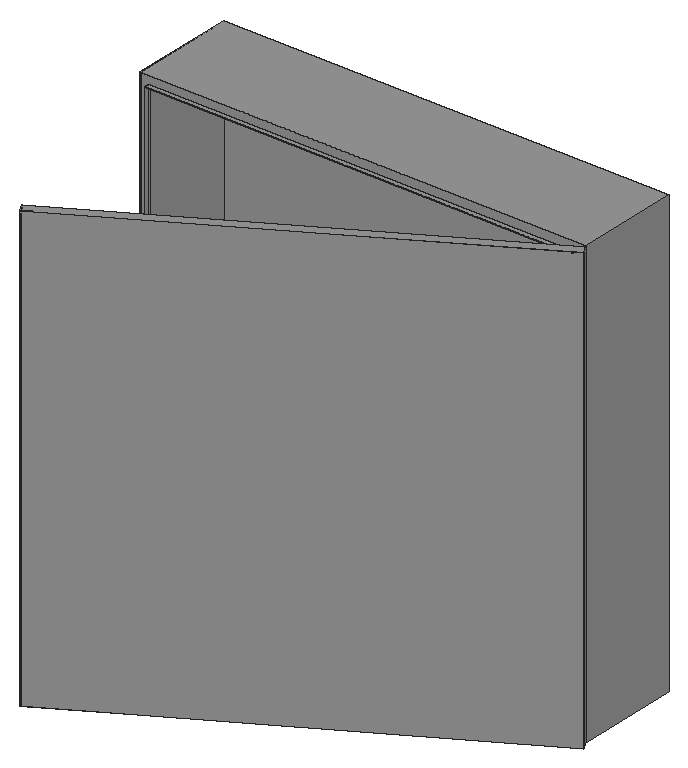
Revit family "Hager-Univers-IP44-D205-H800-Cl.II-Encl-NoHosted-FR-fr", category Electrical Equipment, Revit 2020
Family settings
  Panel Configuration = Two Columns, Circuits Across
  Round Connector Dimension = Use Diameter
  Part Type = Panelboard
  Work Plane-Based = Yes
  Always vertical = Yes
  Cut with Voids When Loaded = No
  Shared = No
  Room Calculation Point = No
Parameters (values of type "saillie IP44 L800 H800 P205  - FP53QS")
  Width Control [instance] = if([EF000008 - largeur] > Min Width, [EF000008 - largeur], Min Width)  # 800 mm
  Type Comments = [HG000003 - Gamme]  # "Univers"
  Thickness Door [instance] = if([EF009171 - épaisseur de matériau de la porte/du couvercle] > 3 mm, 3 mm, [EF009171 - épaisseur de matériau de la porte/du couvercle])  # 1 mm
  Seal Frame Offset [instance] = 17 mm  # constant formula
  Plinth Visibility [instance] = [HG000027 - Hauteur du socle] > 0 mm  # no
  Min Width [instance] = 100 mm  # constant formula
  Min Depth [instance] = (2 * [EF009170 - épaisseur de matériau du boîtier]) + 1 mm  # 3 mm
  Min Height [instance] = 100 mm  # constant formula
  Internal Frame Depth [instance] = (Door System Depth * 0.5)  # 9 mm
  Panel Name [instance] = ""  # (empty or 0)
  Model = ""
  HG000027 - Hauteur du socle = 0 mm
  HG000026 - Installation au sol = no
  HG000024 - Hauteur de la section basse = 600 mm
  HG000023 - Armoire double section = no
  HG000016 - Visibilité de la porte 3D [instance] = yes
  HG000015 - Visibilité de l'emprise de la porte [instance] = no
  HG000014 - Porte à droite [instance] = yes
  HG000013 - Porte à gauche [instance] = not([HG000014 - Porte à droite])  # no
  HG000012 - Angle de pivotement de la porte [instance] = 30.00°
  HG000010 - Portes asymétriques = no
  HG000009 - Porte à double battant = no
  HG000006 - Encastré = no
  HG000004 - Référence fabricant = "FP53QS"
  HG000003 - Gamme = "Univers"
  HG000002 - avec porte = yes
  Frame Offset Bottom [instance] = 10 mm  # constant formula
  Frame Offset [instance] = 15 mm  # constant formula
  EF015940 - couvercle avec décharge de pression = no
  EF011959 - degré de protection (NEMA) = ""
  EF009554 - nombre d'ouvertures pour plaques à bride = 6
  EF009212 - finition du couvercle = "EV000116 - fermé"
  EF009171 - épaisseur de matériau de la porte/du couvercle = 1 mm
  EF009170 - épaisseur de matériau du boîtier = 1 mm
  EF008873 - courant nominal (In) = 250 A
  EF007800 - adapté à un parafoudre = no
  EF006306 - avec serrure = no
  EF006244 - couvercle/porte transparent(e) = no
  EF005474 - indice de protection (IP) = "EV006418 - IP44"
  EF004464 - type de porte = "EV002646 - unique"
  EF004427 - nombre de modules = 180
  EF004293 - indice de protection contre les chocs (IK) = "EV006815 - IK09"
  EF003532 - convient pour utilisation à l’extérieur = no
  EF002950 - largeur en nombre de modules = 36
  EF001613 - maintien de fonction = "EV000494 - sans"
  EF001596 - matériau du boîtier/corps = "EV000179 - acier"
  EF001131 - profondeur intérieure = 143 mm
  EF001088 - possibilité de montage en saillie = yes
  EF000437 - nombre d'entrées de conduit = 6
  EF000339 - type de capot = "EV001012 - couvercle"
  EF000266 - nombre de rangées = 5
  EF000218 - profondeur d'encastrement = 0 mm
  EF000118 - avec cadre/support de montage = no
  EF000116 - numéro RAL = "9010"
  EF000049 - profondeur = 205 mm
  EF000040 - hauteur = 800 mm
  EF000008 - largeur = 800 mm
  EF000007 - couleur = "EV000202 - blanc"
  EF000003 - mode de pose = "EV000384 - saillie"
  Door System Leaf Tolerance [instance] = 1.5 mm  # constant formula
  Door System Depth [instance] = 18 mm  # constant formula
  Door Height [instance] = Height Control - [HG000027 - Hauteur du socle]  # 800 mm
  Description = ""
  Default Elevation = 1219.2 mm
  Connector Offset [instance] = Height Control / 2  # 400 mm
  Manufacturer = "Hager"  # constant formula
  Height Control [instance] = if([EF000040 - hauteur] > Min Height, [EF000040 - hauteur], Min Height)  # 800 mm
  Depth Control [instance] = if([EF000049 - profondeur] > Min Depth, [EF000049 - profondeur], Min Depth)  # 205 mm
  Bottom Top Plate Trim [instance] = 1.5 mm  # constant formula
  Plinth height Ctrl [instance] = if([HG000027 - Hauteur du socle] > 0 mm, [HG000027 - Hauteur du socle], 12 mm)  # 12 mm
Types (3, lengths in mm): name | Width Control | HG000004 - Référence fabricant | EF009554 - nombre d'ouvertures pour plaques à bride | EF004427 - nombre de modules | EF002950 - largeur en nombre de modules | EF000437 - nombre d'entrées de conduit | EF000008 - largeur
  saillie IP44 L300 H800 P205  - FP51QS | 300 | "FP51QS" | 2 | 60 | 12 | 2 | 300
  saillie IP44 L550 H800 P205  - FP52QS | 550 | "FP52QS" | 4 | 120 | 24 | 4 | 550
  saillie IP44 L800 H800 P205  - FP53QS | 800 | "FP53QS" | 6 | 180 | 36 | 6 | 800
Reference planes
  plane 1 "Center (Front/Back)": y = 0
  plane 2: z = 0
  plane 3 "Center (Left/Right)": x = 0
  plane 4: y = 0
  plane 5: y = 0
  plane 6: z = 0
  plane 7: x = -400
  plane 8: x = 400
  plane 9: x = 399
  plane 10: x = -399
  plane 11: z = 0
  plane 12: z = 1
  plane 13: y = -205
  plane 14: y = -1
  plane 15: x = 0
  plane 16: y = -187
  plane 17: y = -204
  plane 18: y = -186
  plane 19: x = -384
  plane 20: x = 384
  plane 21: z = 11
  plane 22: x = -383
  plane 23: x = 383
  plane 24: z = 0
  plane 25: z = 800
  plane 26: z = 800
  plane 27: z = 784
  plane 28: z = 799
Forms (mm)
  Extrusion 1, solid, material "Hager_Steel_RAL7035_Light_Grey", detail levels medium+fine
    sketch origin (-208.679, -4572, 0) x (-1, 0, 0) y (0, -1, 0)
      loop
        line (191.321, -4385) -> (-608.679, -4385) -> (-608.679, -4572) -> (191.321, -4572) -> (191.321, -4385)
    from 0 to 800
  Extrusion 2, void
    sketch origin (-350.771, -205, 1219.2) x (1, 0, 0) y (0, 0, 1)
      loop
        line (-48.229, -420.2) -> (-48.229, -1218.2) -> (749.771, -1218.2) -> (749.771, -420.2) -> (-48.229, -420.2)
    from -19 to -204
  Extrusion 3, void
    sketch origin (-290.084, -187, 1219.2) x (1, 0, 0) y (0, 0, 1)
      loop
        line (-93.916, -1208.2) -> (674.084, -1208.2) -> (674.084, -435.2) -> (-93.916, -435.2) -> (-93.916, -1208.2)
    from 0 to -1
  Extrusion 4, solid, material "Hager_Steel_RAL7035_Light_Grey", visible <- "Plinth Visibility", detail levels medium+fine
    sketch origin (0, 0, 0) x (1, 0, 0) y (0, 1, 0)
      loop
        line (-400, 0) -> (-400, -187) -> (400, -187) -> (400, 0) -> (-400, 0)
    from 0 to 12 <- "Plinth height Ctrl"
  Extrusion 5, solid, material "Hager_Steel_RAL7035_Light_Grey", detail levels coarse
    sketch origin (0, 0, 0) x (1, 0, 0) y (0, 1, 0)
      loop
        line (-400, 0) -> (-400, -205) -> (400, -205) -> (400, 0) -> (-400, 0)
    from 0 to 800 <- "Height Control"
  Sweep 6, void
    path in 3D
      loop
        line (-400, -187, 12) -> (400, -187, 12) -> (400, 0, 12) -> (-400, 0, 12) -> (-400, -187, 12)
    profile origin (-400, -93.5, 12) x (1, 0, 0) y (0, 0, 1)
      loop
        line (0, 0) -> (0, -1.5) -> (1.5, -1.5)
        arc (1.5, -1.5) -> (1.061, -0.439) -> (0, 0) r 1.5
  Extrusion 7, solid, material "Hager_Steel_RAL7035_Light_Grey", detail levels fine
    sketch origin (-400, -187, 0) x (1, 0, 0) y (0, 0, 1)
      loop
        line (16, 11) -> (784, 11) -> (784, 784) -> (16, 784) -> (16, 11)
      loop
        line (15, 10) -> (785, 10) -> (785, 785) -> (15, 785) -> (15, 10)
    from 0 to 9 <- "Internal Frame Depth"
Cuts and joins
  Extrusion 2, Extrusion 3 cuts Extrusion 1
  Sweep 6 cuts Extrusion 4
Lines and regions (mm)
  Masking region 1
    outline origin (0, 0, 0) x (1, 0, 0) y (0, 1, 0)
      loop
        line (-400, 0) -> (-400, -205) -> (400, -205) -> (400, 0) -> (-400, 0)
  Masking region 2, detail levels coarse
    outline origin (-290.084, -187, 1219.2) x (-1, 0, 0) y (0, 0, 1)
      loop
        line (-690.084, -1219.2) -> (109.916, -1219.2) -> (109.916, -419.2) -> (-690.084, -419.2) -> (-690.084, -1219.2)
  Masking region 3, detail levels coarse
    outline origin (0, 0, 0) x (0, 1, 0) y (0, 0, 1)
      loop
        line (0, 0) -> (0, 800) -> (-205, 800) -> (-205, 0) -> (0, 0)
  Masking region 4, visible <- "Plinth Visibility", detail levels medium+fine
    outline origin (0, 0, 0) x (0, 1, 0) y (0, 0, 1)
      loop
        line (-1.5, 12) -> (-185.5, 12)
        arc (-185.5, 12) -> (-185.939, 10.939) -> (-187, 10.5) r 1.5
        line (-187, 10.5) -> (-187, 0) -> (0, 0) -> (0, 10.5)
        arc (0, 10.5) -> (-1.061, 10.939) -> (-1.5, 12) r 1.5
  Masking region 5, detail levels medium+fine
    outline origin (0, 0, 594.038) x (0, 1, 0) y (0, 0, 1)
      loop
        line (0, -594.038) -> (0, 205.962) -> (-187, 205.962) -> (-187, -594.038) -> (0, -594.038)
  Masking region 6, detail levels medium+fine
    outline origin (-359.7, -187, 1211.883) x (-1, 0, 0) y (0, 0, 1)
      loop
        line (-759.7, -1211.883) -> (40.3, -1211.883) -> (40.3, -411.883) -> (-759.7, -411.883) -> (-759.7, -1211.883)
  Masking region 7, visible <- "Plinth Visibility", detail levels medium+fine
    outline origin (-320.334, -187, 1041.368) x (-1, 0, 0) y (0, 0, 1)
      loop
        line (-720.334, -1041.368) -> (79.666, -1041.368) -> (79.666, -1030.868)
        arc (79.666, -1030.868) -> (78.606, -1030.429) -> (78.166, -1029.368) r 1.5
        line (78.166, -1029.368) -> (-718.834, -1029.368)
        arc (-718.834, -1029.368) -> (-719.273, -1030.429) -> (-720.334, -1030.868) r 1.5
        line (-720.334, -1030.868) -> (-720.334, -1041.368)
  sketch lines
    curve 1: line (-400, 0, 12) -> (-400, -187, 12)
    curve 2: line (-400, -187, 12) -> (400, -187, 12)
    curve 3: line (400, 0, 12) -> (-400, 0, 12)
    curve 4: line (400, -187, 12) -> (400, 0, 12)
Dimensions and locks
  locked: plane 1 "Center (Front/Back)" to plane 5
  "EF009170 - épaisseur de matériau du boîtier": plane 7 to plane 10
  "EF009170 - épaisseur de matériau du boîtier": plane 8 to plane 9
  equal spacing: plane 7, plane 3 "Center (Left/Right)", plane 8
  "Width Control": plane 7 to plane 8
  "Depth Control": plane 4 to plane 13
  "EF009170 - épaisseur de matériau du boîtier": plane 4 to plane 14
  "Height Control": plane 25 to level
  "HG000027 - Hauteur du socle": plane 11 to level
  "EF009170 - épaisseur de matériau du boîtier": plane 12 to plane 11
  "EF009170 - épaisseur de matériau du boîtier": plane 17 to plane 13
  "EF009170 - épaisseur de matériau du boîtier": plane 18 to plane 16
  "Frame Offset Bottom": plane 21 to plane 12
  "Frame Offset": plane 10 to plane 19
  "Frame Offset": plane 9 to plane 20
  "Door System Depth": plane 16 to plane 13
  "Seal Frame Offset": plane 7 to plane 22
  "Seal Frame Offset": plane 8 to plane 23
  "EF009170 - épaisseur de matériau du boîtier": plane 26 to plane 28
  "Frame Offset": plane 28 to plane 27
  "Connector Offset": plane 2 to connector elem
  "Bottom Top Plate Trim": profile plane to Sweep 6 sketch curve
  "Bottom Top Plate Trim": Sweep 6 sketch curve to Sweep 6 sketch curve
  "Plinth height Ctrl": Masking region 4 sketch curve to level
  "Plinth height Ctrl": Masking region 7 sketch curve to level
  "Thickness Door": Extrusion 7 sketch curve to Extrusion 7 sketch curve  (x4)
  "Bottom Top Plate Trim": radius of Sweep 6 sketch curve
  "Bottom Top Plate Trim": radius of Masking region 4 sketch curve  (x2)
  "Bottom Top Plate Trim": radius of Masking region 7 sketch curve  (x2)
  aligned and locked: Extrusion 2 sketch curve to plane 12
  aligned and locked: Extrusion 2 sketch curve to plane 9
  aligned and locked: Extrusion 2 sketch curve to plane 10
  aligned and locked: Extrusion 2 to plane 14
  aligned and locked: Extrusion 1 sketch curve to plane 4
  aligned and locked: plane 8 to Extrusion 1 sketch curve
  aligned and locked: plane 7 to Extrusion 1 sketch curve
  aligned and locked: Extrusion 2 to plane 18
  aligned and locked: Extrusion 3 sketch curve to plane 19
  aligned and locked: plane 20 to Extrusion 3 sketch curve
  aligned and locked: Extrusion 3 to Extrusion 2
  aligned and locked: Extrusion 3 sketch curve to plane 21
  aligned and locked: plane 3 "Center (Left/Right)" to nested 1
  aligned and locked: Extrusion 1 sketch curve to plane 16
  aligned and locked: Extrusion 4 sketch curve to cut or joined group of Extrusion 1, Extrusion 2, Extrusion 3
  aligned and locked: Masking region 1 sketch curve to plane 7
  aligned and locked: Masking region 1 sketch curve to plane 5
  aligned and locked: Masking region 1 sketch curve to plane 8
  aligned and locked: Masking region 2 sketch curve to level
  aligned and locked: level to Masking region 3 sketch curve
  aligned and locked: plane 1 "Center (Front/Back)" to Masking region 3 sketch curve
  aligned and locked: plane 13 to Masking region 3 sketch curve
  aligned and locked: plane 5 to Masking region 4 sketch curve
  aligned and locked: Masking region 2 sketch curve to plane 8
  aligned and locked: Masking region 2 sketch curve to plane 7
  aligned and locked: plane 7 to nested 2
  aligned and locked: nested 2 to plane 5
  aligned and locked: plane 5 to Masking region 5 sketch curve
  aligned and locked: plane 26 to Masking region 5 sketch curve
  aligned and locked: Extrusion 5 sketch curve to plane 8
  aligned and locked: Extrusion 5 sketch curve to plane 7
  aligned and locked: Extrusion 5 sketch curve to plane 5
  aligned and locked: Extrusion 3 sketch curve to plane 27
  aligned and locked: Extrusion 2 sketch curve to plane 28
  aligned and locked: Masking region 2 to plane 25
  aligned and locked: Extrusion 4 to plane 16
  aligned and locked: profile plane to Sweep 6 sketch curve
  aligned and locked: Masking region 5 sketch curve to plane 24
  aligned and locked: level to Masking region 4 sketch curve
  aligned and locked: Masking region 1 to plane 13
  aligned and locked: nested 1 to plane 16
  aligned and locked: Masking region 3 to plane 25
  aligned and locked: plane 16 to Masking region 4 sketch curve
  aligned and locked: Masking region 5 sketch curve to plane 16
  aligned and locked: plane 24 to plane 11
  aligned and locked: plane 26 to plane 25
  aligned and locked: plane 26 to cut or joined group of Extrusion 1, Extrusion 2, Extrusion 3
  aligned and locked: nested 1 to plane 24
  aligned and locked: Extrusion 1 to Extrusion 3
  aligned and locked: Masking region 6 sketch curve to plane 8
  aligned and locked: Masking region 6 sketch curve to plane 24
  aligned and locked: Masking region 6 sketch curve to plane 7
  aligned and locked: Masking region 6 sketch curve to plane 26
  aligned and locked: Masking region 7 sketch curve to plane 7
  aligned and locked: level to Masking region 7 sketch curve
  aligned and locked: Masking region 7 sketch curve to plane 8
  aligned and locked: Extrusion 7 sketch curve to cut or joined group of Extrusion 1, Extrusion 2, Extrusion 3  (x4)
Automatic sketch dimensions
  plane 19 to Extrusion 3 sketch curve = 0 mm
  Extrusion 3 sketch curve to plane 20 = 0 mm
  Extrusion 3 sketch curve to plane 21 = 0 mm
  Extrusion 4 sketch curve to plane 7 = 0 mm
  Extrusion 4 sketch curve to plane 8 = 0 mm
  Extrusion 4 sketch curve to plane 16 = 0 mm
  Masking region 1 sketch curve to plane 13 = 0 mm
  Masking region 2 sketch curve to plane 25 = 0 mm
  Masking region 3 sketch curve to plane 25 = 0 mm
  Extrusion 5 sketch curve to plane 13 = 0 mm
  profile plane to Sweep 6 sketch curve = 0 mm
Nested families
  nested 1: "EC000058_Univers_Door" at (0, -187, 0), Double <- "HG000009 - Porte à double battant", Transparent <- "EF006244 - couvercle/porte transparent(e)", Angle <- "HG000012 - Angle de pivotement de la porte", Door_Right <- "HG000014 - Porte à droite", Assymetrical <- "HG000010 - Portes asymétriques", Door <- "HG000002 - avec porte", Width_Ctrl <- "Width Control", 3d_Door <- "HG000016 - Visibilité de la porte 3D", Clearance <- "HG000015 - Visibilité de l'emprise de la porte", Door_Left <- "HG000013 - Porte à gauche", Width <- "Width Control", Door_Depth <- "Door System Depth", Leaf_Tolerance <- "Door System Leaf Tolerance", Height <- "Door Height", Lock_Visibility <- "EF006306 - avec serrure", Thickness <- "Thickness Door", type "EC000058_Univers_Door", detail levels medium+fine
    with min_wh 3 mm, Width_Ctrl 800 mm, Width 800 mm, Transparent no, Thickness 1 mm, Seal_Material Hager_Rubber, Lock_Visibility no, Lock_Material Hager_Plastic_RAL9005_Jet_Black, Leaf_Width 800 mm, Leaf_Tolerance_External_Sides 0 mm, Leaf_Tolerance 1.5 mm, Leaf_Offset 0 mm, Leaf_Height 797 mm, Leaf_2_Width 800 mm, Leaf_2_Offset 400 mm, Leaf_1_Width 800 mm, Leaf_1_Offset 400 mm, Height_Ctrl 800 mm, Height 800 mm, Glass_Material Hager_Glass, Double_Clearance_Ctrl no, Double no, Door_Right_Ctrl yes, Door_Right yes, Door_Material Hager_Steel_RAL7035_Light_Grey, Door_Left_Ctrl no, Door_Left no, Door_Depth 18 mm, Door yes, Clearance_Material Hager_Clearance, Clearance_Depth 800 mm, Clearance_Ctrl no, Clearance no, Assymetrical no, Angle 30.00°, 3d_Door yes
  nested 2: "Hager_Enclosure_Symbol" at (-400, 0, 0), Height <- "Depth Control", Width <- "Width Control", type "Hager_Enclosure_Symbol"
    with Width_Ctrl 800 mm, Width 800 mm, Height_Ctrl 205 mm, Height 205 mm, A_Width_Int 13.453 mm, A_Width 161.438 mm, A_Height_Ctrl 179.375 mm, A_Height 179.375 mm
Connectors
  electrical at (0, 0, 400)
    settings: on plane 1 "Center (Front/Back)", index 1, voltage 0 V, apparent load 0 VA, apparent load phase1 0 VA, apparent load phase2 0 VA, apparent load phase3 0 VA, power factor 1, load classification "Other", number of poles 1, system type 30, power factor state 1, is connector primary yes, connector utility no, sub classification motor no, connector description ""
Definition of nested family "EC000058_Univers_Door"
  Parameters (values of type "EC000058_Univers_Door")
    min_wh [instance] = (2 * Thickness) + 1 mm  # 11 mm
    Width_Ctrl [instance] = 400 mm
    Width [instance] = 500 mm
    Transparent [instance] = yes
    Thickness [instance] = 5 mm
    Seal_Material [instance] = none
    Lock_Visibility [instance] = yes
    Lock_Material [instance] = none
    Leaf_Width [instance] = if((Width_Ctrl - 2 * Leaf_Tolerance_External_Sides) > 0 mm, (Width_Ctrl - 2 * Leaf_Tolerance_External_Sides), min_wh)  # 400 mm
    Leaf_Tolerance_External_Sides [instance] = 0 mm  # constant formula
    Leaf_Tolerance [instance] = 1.5 mm
    Leaf_Offset [instance] = 0 mm  # constant formula
    Leaf_Height [instance] = if((Height_Ctrl - 2 * Leaf_Tolerance) > 0 mm, (Height_Ctrl - 2 * Leaf_Tolerance), min_wh)  # 497 mm
    Leaf_2_Width [instance] = if(and(and(Double, Assymetrical), Door_Left), (Leaf_Width / 3) - (Leaf_Tolerance / 2), if(and(and(Double, Assymetrical), Door_Right), (Leaf_Width / 3) * 2 - (Leaf_Tolerance / 2), if(and(Double, not(Assymetrical)), (Leaf_Width / 2) - Leaf_Tolerance, Leaf_Width)))  # 400 mm
    Leaf_2_Offset [instance] = if(and(Double, Assymetrical), Leaf_2_Width / 2, if(and(Double, not(Assymetrical)), Leaf_Width / 4, Leaf_Width / 2))  # 200 mm
    Leaf_1_Width [instance] = if(and(and(Double, Assymetrical), Door_Right), (Leaf_Width / 3) - (Leaf_Tolerance / 2), if(and(and(Double, Assymetrical), Door_Left), (Width / 3) * 2 - (Leaf_Tolerance / 2), if(and(Double, not(Assymetrical)), (Leaf_Width / 2) - Leaf_Tolerance, Leaf_Width)))  # 400 mm
    Leaf_1_Offset [instance] = if(and(Double, Assymetrical), Leaf_1_Width / 2, if(and(Double, not(Assymetrical)), Leaf_Width / 4, Leaf_Width / 2))  # 200 mm
    Height_Ctrl [instance] = if(Height > min_wh, Height, min_wh)  # 500 mm
    Height [instance] = 500 mm
    Glass_Material [instance] = none
    Double_Clearance_Ctrl [instance] = and(Double, Clearance)  # no
    Double [instance] = no
    Door_Right_Ctrl [instance] = and(or(Door_Right, Double), Door)  # yes
    Door_Right [instance] = yes
    Door_Material [instance] = none
    Door_Left_Ctrl [instance] = and(or(Door_Left, Double), Door)  # no
    Door_Left [instance] = no
    Door_Depth [instance] = 30 mm
    Door [instance] = yes
    Default Elevation = 1219.2 mm
    Clearance_Material [instance] = none
    Clearance_Depth [instance] = if(Leaf_1_Width > Leaf_2_Width, Leaf_1_Width, Leaf_2_Width)  # 400 mm
    Clearance_Ctrl [instance] = and(not(Double), Clearance)  # yes
    Clearance [instance] = yes
    Assymetrical [instance] = yes
    Angle [instance] = 30.00°
    3d_Door [instance] = yes
  Reference planes
    plane 1 "Center (Front/Back)": y = 0
    plane 2 "Bottom": z = 0
    plane 3 "Center (Left/Right)": x = 0
    plane 4: z = 500
    plane 5: x = -200
    plane 6: x = 200
    plane 7: z = 500
    plane 8: x = -200
    plane 9: z = 0
    plane 10: x = 200
    plane 11: y = 0
    plane 12: z = 1.5
    plane 13: x = -600
    plane 14: y = -400
    plane 15: x = 600
    plane 16: x = 0
    plane 17: x = 0
    plane 18: x = -200
    plane 19: x = 200
    plane 20: z = 498.5
  Forms (mm)
    Extrusion 1, solid, material <- "Clearance_Material", visible <- "Double_Clearance_Ctrl"
      sketch origin (1200, 0, 0) x (1, 0, 0) y (0, 0, -1)
        loop
          line (-1800, -498.5) -> (-600, -498.5) -> (-600, 0) -> (-1800, 0) -> (-1800, -498.5)
      from 0 to -400
  Dimensions and locks
    equal spacing: plane 5, plane 3 "Center (Left/Right)", plane 6
    "Width_Ctrl": plane 5 to plane 6
    "Leaf_Offset": plane 5 to plane 8
    "Leaf_Offset": plane 6 to plane 10
    "Leaf_Offset": plane 9 to level
    "Leaf_Offset": plane 4 to plane 7
    "Height_Ctrl": plane 4 to level
    "Leaf_Tolerance": plane 12 to plane 9
    locked: plane 11 to plane 1 "Center (Front/Back)"
    "Leaf_1_Offset": plane 18 to plane 16
    "Leaf_2_Offset": plane 17 to plane 19
    "Leaf_1_Width": plane 13 to plane 8
    "Leaf_2_Width": plane 10 to plane 15
    "Clearance_Depth": plane 14 to plane 1 "Center (Front/Back)"
    "Leaf_Tolerance_External_Sides": plane 8 to plane 18
    "Leaf_Tolerance_External_Sides": plane 19 to plane 10
    "Leaf_Tolerance": plane 7 to plane 20
    aligned and locked: level to plane 2 "Bottom"
    aligned and locked: nested 1 to plane 16
    aligned and locked: nested 2 to plane 17
    aligned and locked: Extrusion 1 to plane 13
    aligned and locked: plane 15 to Extrusion 1
    aligned and locked: Extrusion 1 to plane 14
    aligned and locked: plane 12 to nested 1
    aligned and locked: nested 2 to plane 12
    aligned and locked: Extrusion 1 to plane 11
    aligned and locked: plane 20 to Extrusion 1
    aligned and locked: nested 2 to plane 11
    aligned and locked: nested 1 to plane 11
  Automatic sketch dimensions
    Extrusion 1 sketch curve to level = 0 mm
    plane 5 to Extrusion 1 sketch curve = 400 mm
    plane 6 to Extrusion 1 sketch curve = 400 mm
    Extrusion 1 sketch curve to plane 4 = 1.5 mm
  Nested families
    nested 1: "EC000058_Univers_Door_Leaf" at (0, 0, 1.5), Width <- "Leaf_1_Width", visible <- "Door_Left_Ctrl", Leaf_Height <- "Leaf_Height", Angle <- "Angle", 3d_Door <- "3d_Door", Transparent <- "Transparent", Clearance Material <- "Clearance_Material", Clearance <- "Clearance_Ctrl", Door_Material <- "Door_Material", Glass_Material <- "Glass_Material", Door_Depth <- "Door_Depth", Lock_Material <- "Lock_Material", Seal_Material <- "Seal_Material", Lock_Visibility <- "Lock_Visibility", Thickness <- "Thickness", type "EC000058_Univers_Door_Leaf"
      with Width 400 mm, Transparent_Glass_Offset 30 mm, Transparent_Ctrl yes, Transparent yes, Thickness 5 mm, Standard no, Seal_Material none, Seal_D2 8 mm, Seal_D1 1 mm, Offset_Internal_Frame 10 mm, Lock_Width 20 mm, Lock_Visibility_3d yes, Lock_Visibility yes, Lock_Thickness_3 3 mm, Lock_Thickness_2 1 mm, Lock_Thickness_1 3 mm, Lock_Radius_Offset_2 16 mm, Lock_Radius_Offset_1 15 mm, Lock_Radius_2 5 mm, Lock_Radius 6 mm, Lock_Offset 5 mm, Lock_Material none, Lock_Height 80 mm, Lock_Cover_Top_Offset_2d 17 mm, Lock_Cover_Height -65 mm, Leaf_Height 497 mm, Internal_Seal_Thickness 8 mm, Internal_Seal_Depth_2 4.5 mm, Internal_Frame_Depth 25 mm, Glass_Thickness -1 mm, Glass_Offset -2 mm, Glass_Material none, Door_Material none, Door_Depth 30 mm, Clearance Material none, Clearance yes, Angle_Ctrl 30.00°, Angle 30.00°, 3d_Door yes
    nested 2: "EC000058_Univers_Door_Leaf" at (0, 0, 1.5) x (-1, 0, 0) z (0, 0, 1), Width <- "Leaf_2_Width", visible <- "Door_Right_Ctrl", Leaf_Height <- "Leaf_Height", Angle <- "Angle", 3d_Door <- "3d_Door", Transparent <- "Transparent", Clearance Material <- "Clearance_Material", Clearance <- "Clearance_Ctrl", Door_Material <- "Door_Material", Glass_Material <- "Glass_Material", Door_Depth <- "Door_Depth", Lock_Material <- "Lock_Material", Seal_Material <- "Seal_Material", Lock_Visibility <- "Lock_Visibility", Thickness <- "Thickness", type "EC000058_Univers_Door_Leaf"
      with Width 400 mm, Transparent_Glass_Offset 30 mm, Transparent_Ctrl yes, Transparent yes, Thickness 5 mm, Standard no, Seal_Material none, Seal_D2 8 mm, Seal_D1 1 mm, Offset_Internal_Frame 10 mm, Lock_Width 20 mm, Lock_Visibility_3d yes, Lock_Visibility yes, Lock_Thickness_3 3 mm, Lock_Thickness_2 1 mm, Lock_Thickness_1 3 mm, Lock_Radius_Offset_2 16 mm, Lock_Radius_Offset_1 15 mm, Lock_Radius_2 5 mm, Lock_Radius 6 mm, Lock_Offset 5 mm, Lock_Material none, Lock_Height 80 mm, Lock_Cover_Top_Offset_2d 17 mm, Lock_Cover_Height -65 mm, Leaf_Height 497 mm, Internal_Seal_Thickness 8 mm, Internal_Seal_Depth_2 4.5 mm, Internal_Frame_Depth 25 mm, Glass_Thickness -1 mm, Glass_Offset -2 mm, Glass_Material none, Door_Material none, Door_Depth 30 mm, Clearance Material none, Clearance yes, Angle_Ctrl 30.00°, Angle 30.00°, 3d_Door yes
  Definition of nested family "EC000058_Univers_Door_Leaf"
    Parameters (values of type "EC000058_Univers_Door_Leaf")
      Width [instance] = 2000 mm
      Transparent_Glass_Offset [instance] = 30 mm
      Transparent_Ctrl [instance] = and(Transparent, [3d_Door])  # yes
      Transparent [instance] = yes
      Thickness [instance] = 5 mm
      Standard [instance] = and(not(Transparent), [3d_Door])  # no
      Seal_Material [instance] = none
      Seal_D2 [instance] = 8 mm  # constant formula
      Seal_D1 [instance] = 1 mm  # constant formula
      Offset_Internal_Frame [instance] = 10 mm  # constant formula
      Lock_Width [instance] = 20 mm  # constant formula
      Lock_Visibility_3d [instance] = and(Lock_Visibility, [3d_Door])  # yes
      Lock_Visibility [instance] = yes
      Lock_Thickness_3 [instance] = 3 mm  # constant formula
      Lock_Thickness_2 [instance] = 1 mm  # constant formula
      Lock_Thickness_1 [instance] = 3 mm  # constant formula
      Lock_Radius_Offset_2 [instance] = Lock_Radius_Offset_1 + 1 mm  # 16 mm
      Lock_Radius_Offset_1 [instance] = 15 mm  # constant formula
      Lock_Radius_2 [instance] = Lock_Radius - 1 mm  # 5 mm
      Lock_Radius [instance] = 6 mm  # constant formula
      Lock_Offset [instance] = 5 mm  # constant formula
      Lock_Material [instance] = none
      Lock_Height [instance] = 80 mm  # constant formula
      Lock_Cover_Top_Offset_2d [instance] = Lock_Radius_Offset_2 + 1 mm  # 17 mm
      Lock_Cover_Height [instance] = -(Lock_Height - Lock_Radius_Offset_1)  # -65 mm
      Leaf_Height [instance] = 2720.336 mm
      Internal_Seal_Thickness [instance] = 8 mm  # constant formula
      Internal_Seal_Depth_2 [instance] = 4.5 mm  # constant formula
      Internal_Frame_Depth [instance] = if(Door_Depth - Thickness > 5 mm, Door_Depth - Thickness, 5 mm)  # 25 mm
      Glass_Thickness [instance] = if(Thickness > 15 mm, Glass_Offset + 10 mm, -1 mm)  # -1 mm
      Glass_Offset [instance] = if(Thickness > 15 mm, -(Thickness + 10 mm) / 2, -2 mm)  # -2 mm
      Glass_Material [instance] = none
      Door_Material [instance] = none
      Door_Depth [instance] = 30 mm
      Default Elevation = 0 mm
      Clearance Material [instance] = none
      Clearance [instance] = yes
      Angle_Ctrl [instance] = if(Angle > 180.00°, 180.00°, Angle)  # 90.00°
      Angle [instance] = 90.00°
      3d_Door [instance] = yes
    Reference planes
      plane 1 "Center (Front/Back)": y = 0
      plane 2: z = 0
      plane 3 "Center (Left/Right)": x = 0
      plane 4: y = 2000
      plane 5: x = -1000
      plane 6: x = 1000
      plane 7: x = -3000
      plane 8: z = 2720.336
      plane 9: z = 30
      plane 10: z = 2690.336
      plane 11: x = 970
      plane 12: x = -970
      plane 13: y = -3
      plane 14: z = 107.833
      plane 15: y = -5
      plane 16: y = -223.314
      plane 17: x = -1000
      plane 18: z = 1360.168
      plane 19: y = 30
    Forms (mm)
      Extrusion 1, solid, material <- "Clearance Material", visible <- "Clearance"
        sketch origin (0, 0, 0) x (1, 0, 0) y (0, 0, 1)
          loop
            line (-3000, 2720.336) -> (-3000, 0) -> (1000, 0) -> (1000, 2720.336) -> (-3000, 2720.336)
        from 0 to -2000
      Extrusion 2, solid, material <- "Door_Material", visible <- "Standard", detail levels medium+fine
        sketch origin (-1000, 0, 0) x (0, 1, 0) y (-1, 0, 0)
          loop
            line (0, 30) -> (0, 25) -> (2000, 25) -> (2000, 30) -> (0, 30)
        from 0 to 2720.336 <- "Leaf_Height"
      Extrusion 3, solid, material <- "Door_Material", visible <- "Transparent_Ctrl", detail levels medium+fine
        sketch origin (-1000, 0, 0) x (0, 1, 0) y (-1, 0, 0)
          loop
            line (0, 25) -> (2000, 25) -> (2000, 30) -> (0, 30) -> (0, 25)
        from 0 to 2720.336 <- "Leaf_Height"
      Extrusion 4, void
        sketch origin (-1025, 2000, 0) x (0, 1, 0) y (0, 0, -1)
          loop
            line (-30, -2690.336) -> (-30, -30) -> (-1970, -30) -> (-1970, -2690.336) -> (-30, -2690.336)
        from 0 to 5 <- "Thickness"
      Sweep 5, solid, material <- "Seal_Material", visible <- "Transparent_Ctrl", detail levels fine
        path in 3D
          loop
            line (-1025, 30, 30) -> (-1025, 30, 2690.336) -> (-1025, 1970, 2690.336) -> (-1025, 1970, 30) -> (-1025, 30, 30)
        profile origin (-1025, 1000, 30) x (1, 0, 0) y (0, 0, 1)
          loop
            line (0, 0) -> (0, -8) -> (1, -8) -> (1, 0) -> (0, 0)
      Extrusion 6, solid, material <- "Glass_Material", visible <- "Transparent_Ctrl", detail levels medium+fine
        sketch origin (-1030, 0, 0) x (0, 1, 0) y (0, 0, -1)
          loop
            line (1970, -2690.336) -> (1970, -30) -> (30, -30) -> (30, -2690.336) -> (1970, -2690.336)
        from -2 <- "Glass_Offset" to -1 <- "Glass_Thickness"
      Extrusion 7, solid, material <- "Door_Material", visible <- "3d_Door", detail levels medium+fine
        sketch origin (-1025, 2000, 0) x (0, -1, 0) y (0, 0, -1)
          loop
            line (0, -2720.336) -> (2000, -2720.336) -> (2000, 0) -> (0, 0) -> (0, -2720.336)
          loop
            line (1995, -5) -> (5, -5) -> (5, -2715.336) -> (1995, -2715.336) -> (1995, -5)
        from 0 to 25 <- "Internal_Frame_Depth"
      Sweep 8, solid, material <- "Seal_Material", visible <- "Transparent_Ctrl", detail levels fine
        path in 3D
          loop
            line (-1025, 0, 0) -> (-1025, 2000, 0) -> (-1025, 2000, 2720.336) -> (-1025, 0, 2720.336) -> (-1025, 0, 0)
        profile origin (-1025, 0, 1360.168) x (1, 0, 0) y (0, 1, 0)
          loop
            line (0, 10) -> (2.975, 10)
            arc (2.975, 10) -> (4.053, 10.447) -> (4.5, 11.525) r 1.525
            line (4.5, 11.525) -> (4.5, 16.527)
            arc (4.5, 16.527) -> (4.069, 17.569) -> (3.027, 18) r 1.473
            line (3.027, 18) -> (0, 18) -> (0, 10)
      Extrusion 9, solid, material <- "Lock_Material", visible <- "Lock_Visibility_3d", detail levels fine
        sketch origin (-1030, 0, 0) x (0, 1, 0) y (0, 0, -1)
          loop
            arc (1993.5, -1400.168) -> (1994.561, -1399.729) -> (1995, -1398.668) r 1.5
            line (1995, -1398.668) -> (1995, -1320.168) -> (1975, -1320.168) -> (1975, -1398.668)
            arc (1975, -1398.668) -> (1975.439, -1399.729) -> (1976.5, -1400.168) r 1.5
            line (1976.5, -1400.168) -> (1993.5, -1400.168)
        from 3 <- "Lock_Thickness_1" to 0
      Blend 10, solid, material <- "Lock_Material", visible <- "Lock_Visibility_3d", detail levels fine
        base sketch origin (-1033, 0, 0) x (0, 1, 0) y (0, 0, -1)
          loop
            line (1975, -1320.168) -> (1975, -1398.668)
            arc (1975, -1398.668) -> (1975.439, -1399.729) -> (1976.5, -1400.168) r 1.5
            line (1976.5, -1400.168) -> (1993.5, -1400.168)
            arc (1993.5, -1400.168) -> (1994.561, -1399.729) -> (1995, -1398.668) r 1.5
            line (1995, -1398.668) -> (1995, -1320.168) -> (1975, -1320.168)
        top sketch origin (-1033, 0, 0) x (0, 1, 0) y (0, 0, -1)
          loop
            line (1976, -1320.168) -> (1976, -1398.668)
            arc (1976, -1398.668) -> (1976.146, -1399.022) -> (1976.5, -1399.168) r 0.5
            line (1976.5, -1399.168) -> (1993.5, -1399.168)
            arc (1993.5, -1399.168) -> (1993.854, -1399.022) -> (1994, -1398.668) r 0.5
            line (1994, -1398.668) -> (1994, -1320.168) -> (1976, -1320.168)
        from 0 to 1 <- "Lock_Thickness_2"
      Blend 11, solid, material <- "Lock_Material", visible <- "Lock_Visibility_3d", detail levels fine
        base sketch origin (-1034, 0, 0) x (0, 1, 0) y (0, 0, -1)
          loop
            line (1978, -1320.168) -> (1978, -1384.168)
            arc (1978, -1384.168) -> (1985, -1391.168) -> (1992, -1384.168) r 7
            line (1992, -1384.168) -> (1992, -1320.168) -> (1978, -1320.168)
        top sketch origin (-1034, 0, 0) x (0, 1, 0) y (0, 0, -1)
          loop
            line (1991, -1320.168) -> (1979, -1320.168) -> (1979, -1383.168)
            arc (1979, -1383.168) -> (1985, -1389.168) -> (1991, -1383.168) r 6
            line (1991, -1383.168) -> (1991, -1320.168)
        from 0 to 3 <- "Lock_Thickness_3"
      Extrusion 12, solid, material <- "Lock_Material", visible <- "Lock_Visibility_3d", detail levels fine
        sketch origin (-1030, 1975, 1320.168) x (1, 0, 0) y (0, -1, 0)
          loop
            line (-7, -19) -> (-7, -1) -> (0, -1) -> (0, 0) -> (-8, 0) -> (-8, -20) -> (0, -20) -> (0, -19) -> (-7, -19)
        from 0 to -65 <- "Lock_Cover_Height"
      Extrusion 13, void
        sketch origin (-1038, 1995, 1320.168) x (-1, 0, 0) y (0, 0, -1)
          loop
            line (-5, -65) -> (0, -65) -> (-5, -60) -> (-5, -65)
        from 0 to 20 <- "Lock_Width"
      Extrusion 14, void
        sketch origin (-1038, 1975, 1320.168) x (0, -1, 0) y (0, 0, -1)
          loop
            circle (-10, -15.995) r 6
          loop
            circle (-10, -15.995) r 5
        from 0 to 2
      Extrusion 15, solid, material <- "Lock_Material", visible <- "Lock_Visibility_3d", detail levels medium
        sketch origin (-1030, 0, 0) x (0, 1, 0) y (0, 0, -1)
          loop
            arc (1993.5, -1400.168) -> (1994.561, -1399.729) -> (1995, -1398.668) r 1.5
            line (1995, -1398.668) -> (1995, -1320.168) -> (1975, -1320.168) -> (1975, -1398.668)
            arc (1975, -1398.668) -> (1975.439, -1399.729) -> (1976.5, -1400.168) r 1.5
            line (1976.5, -1400.168) -> (1993.5, -1400.168)
        from 8 to 0
    Cuts and joins
      Extrusion 4 cuts Extrusion 3
      Extrusion 13, Extrusion 14 cuts Extrusion 9
      Extrusion 14 cuts Blend 11
      Extrusion 13, Extrusion 14 cuts Extrusion 12
      joined: Extrusion 9, Blend 10, Blend 11, Extrusion 12
      Extrusion 14 cuts Extrusion 15
    Lines and regions (mm)
      Masking region 1, visible <- "Lock_Visibility", detail levels fine
        outline origin (0, 0, 0) x (0, 1, 0) y (0, 0, 1)
          loop
            line (30, 1320.168) -> (33, 1320.168) -> (33, 1400.168) -> (30, 1400.168) -> (30, 1320.168)
      Masking region 2, visible <- "Lock_Visibility", detail levels fine
        outline origin (0, 3.143, 0) x (0, 1, 0) y (0, 0, 1)
          loop
            line (29.857, 1354.168) -> (30.857, 1354.168) -> (30.857, 1366.168) -> (29.857, 1366.168) -> (29.857, 1354.168)
      Masking region 3, detail levels medium+fine
        outline origin (0, 0, 0) x (0, 1, 0) y (0, 0, 1)
          loop
            line (0, 0) -> (30, 0) -> (30, 2720.336) -> (0, 2720.336) -> (0, 0)
      Masking region 4, detail levels medium+fine
        outline origin (0, 0, 0) x (1, 0, 0) y (0, 0, 1)
          loop
            line (-1000, 2720.336) -> (-1000, 0) -> (1000, 0) -> (1000, 2720.336) -> (-1000, 2720.336)
      Masking region 5, visible <- "Lock_Visibility", detail levels fine
        outline origin (-47.116, 0, 0) x (1, 0, 0) y (0, 0, 1)
          loop
            arc (1024.616, 1399.168) -> (1023.556, 1398.729) -> (1023.116, 1397.668) r 1.5
            line (1023.116, 1397.668) -> (1023.116, 1320.168) -> (1041.116, 1320.168) -> (1041.116, 1397.668)
            arc (1041.116, 1397.668) -> (1040.677, 1398.729) -> (1039.616, 1399.168) r 1.5
            line (1039.616, 1399.168) -> (1024.616, 1399.168)
      Masking region 6, visible <- "Lock_Visibility", detail levels medium+fine
        outline origin (-25, 0, 0) x (1, 0, 0) y (0, 0, 1)
          loop
            arc (1001.5, 1400.168) -> (1000.439, 1399.729) -> (1000, 1398.668) r 1.5
            line (1000, 1398.668) -> (1000, 1320.168) -> (1020, 1320.168) -> (1020, 1398.668)
            arc (1020, 1398.668) -> (1019.561, 1399.729) -> (1018.5, 1400.168) r 1.5
            line (1018.5, 1400.168) -> (1001.5, 1400.168)
      Masking region 7, visible <- "Lock_Visibility", detail levels fine
        outline origin (-73.735, 0, 0) x (1, 0, 0) y (0, 0, 1)
          loop
            line (1051.735, 1382.168) -> (1065.735, 1382.168) -> (1065.735, 1384.168)
            arc (1065.735, 1384.168) -> (1058.735, 1391.168) -> (1051.735, 1384.168) r 7
            line (1051.735, 1384.168) -> (1051.735, 1382.168)
      Masking region 8, visible <- "Lock_Visibility", detail levels fine
        outline origin (-73.735, 0, 0) x (1, 0, 0) y (0, 0, 1)
          loop
            line (1052.735, 1382.168) -> (1064.735, 1382.168) -> (1064.735, 1383.168)
            arc (1064.735, 1383.168) -> (1058.735, 1389.168) -> (1052.735, 1383.168) r 6
            line (1052.735, 1383.168) -> (1052.735, 1382.168)
      Masking region 9, visible <- "Lock_Visibility", detail levels fine
        outline origin (-25, 0, 0) x (1, 0, 0) y (0, 0, 1)
          loop
            line (1020, 1320.168) -> (1020, 1382.168) -> (1000, 1382.168) -> (1000, 1320.168) -> (1020, 1320.168)
      Masking region 10, detail levels medium+fine
        outline origin (0, 0, 0) x (1, 0, 0) y (0, 0, 1)
          loop
            circle (985, 1335.144) r 6
      Masking region 11, detail levels fine
        outline origin (0, 0, 0) x (1, 0, 0) y (0, 0, 1)
          loop
            circle (985, 1335.144) r 5
      Masking region 12, visible <- "Lock_Visibility", detail levels fine
        outline origin (0, 12.767, 0) x (0, 1, 0) y (0, 0, 1)
          loop
            line (20.233, 1320.168) -> (21.233, 1320.168) -> (21.233, 1399.168) -> (20.233, 1400.168) -> (20.233, 1320.168)
      Masking region 13, visible <- "Lock_Visibility", detail levels fine
        outline origin (0, 13.767, -10) x (0, 1, 0) y (0, 0, 1)
          loop
            line (20.233, 1330.168) -> (23.233, 1330.168) -> (23.233, 1399.168) -> (20.233, 1402.168) -> (20.233, 1330.168)
      Masking region 14, visible <- "Lock_Visibility", detail levels fine
        outline origin (0, 12.767, -10) x (0, 1, 0) y (0, 0, 1)
          loop
            line (20.233, 1330.168) -> (25.233, 1330.168) -> (25.233, 1399.305) -> (20.233, 1394.305) -> (20.233, 1330.168)
      Masking region 15, visible <- "Lock_Visibility", detail levels medium
        outline origin (0, 0, 0) x (0, 1, 0) y (0, 0, 1)
          loop
            line (30, 1320.168) -> (38, 1320.168) -> (38, 1400.168) -> (30, 1400.168) -> (30, 1320.168)
      Masking region 16, visible <- "Lock_Visibility", detail levels fine
        outline origin (-1000, 0, 0) x (0, 1, 0) y (-1, 0, 0)
          loop
            line (1975, 30) -> (1995, 30) -> (1995, 38) -> (1975, 38) -> (1975, 30)
          loop
            line (1979, 37) -> (1976, 37) -> (1976, 34) -> (1978, 34) -> (1979, 37)
          loop
            line (1994, 37) -> (1991, 37) -> (1992, 34) -> (1994, 34) -> (1994, 37)
      Masking region 17, visible <- "Lock_Visibility", detail levels medium
        outline origin (-1000, 0, 0) x (0, 1, 0) y (-1, 0, 0)
          loop
            line (1975, 30) -> (1995, 30) -> (1995, 38) -> (1975, 38) -> (1975, 30)
      symbolic lines
        curve 1: line (1000, 0, 0) -> (-3000, 0, 0)
        curve 2: arc (1000, 0, 0) -> (-1000, 2000, 0) -> (-3000, 0, 0) r 2000
        curve 4: line (-1030, 0, 0) -> (-1030, 2000, 0)
      reference lines
        curve 3: line (-1000, 0, 0) -> (-1000, 2000, 0)
      symbolic lines, detail levels medium+fine
        curve 5: line (-1030, 2000, 0) -> (-1025, 2000, 0)
        curve 7: line (-1025, 0, 0) -> (-1030, 0, 0)
        curve 8: line (-1025, 0, 0) -> (-1000, 0, 0)
        curve 9: line (-1000, 0, 0) -> (-1000, 2000, 0)
        curve 10: line (-1000, 2000, 0) -> (-1025, 2000, 0)
      symbolic lines, detail levels fine
        curve 6: line (-1025, 2000, 0) -> (-1025, 0, 0)
      sketch lines
        curve 11: line (-1025, 0, 2720.336) -> (-1025, 0, 0)
        curve 12: line (-1025, 2000, 0) -> (-1025, 0, 0)
        curve 13: line (-1025, 2000, 2720.336) -> (-1025, 2000, 0)
        curve 14: line (-1025, 0, 2720.336) -> (-1025, 2000, 2720.336)
        curve 15: line (-1025, 1970, 30) -> (-1025, 30, 30)
        curve 16: line (-1025, 30, 30) -> (-1025, 30, 2690.336)
        curve 17: line (-1025, 1970, 2690.336) -> (-1025, 1970, 30)
        curve 18: line (-1025, 30, 2690.336) -> (-1025, 1970, 2690.336)
      symbolic lines, visible <- "Transparent", detail levels medium+fine
        curve 19: line (-970, 0, 2690.336) -> (970, 0, 2690.336)
        curve 20: line (-970, 0, 30) -> (-970, 0, 2690.336)
        curve 21: line (970, 0, 30) -> (-970, 0, 30)
        curve 22: line (970, 0, 2690.336) -> (970, 0, 30)
    Dimensions and locks
      "Width": plane 1 "Center (Front/Back)" to plane 4
      equal spacing: plane 5, plane 3 "Center (Left/Right)", plane 6
      "Width": plane 5 to plane 6
      "Width": plane 7 to plane 5
      "Leaf_Height": plane 8 to level
      "Width": curve 5 to curve 3
      "Width": curve 3 to curve 3
      plane 8 to plane 10 = 30 mm
      plane 9 to level = 30 mm
      plane 12 to plane 5 = 30 mm
      plane 6 to plane 11 = 30 mm
      Extrusion 1 to Extrusion 4 sketch curve = 30 mm
      "Transparent_Glass_Offset": curve 3 to Extrusion 4 sketch curve
      "Transparent_Glass_Offset": Extrusion 4 sketch curve to cut or joined group of Extrusion 3, Extrusion 4  (x2)
      cut or joined group of Extrusion 3, Extrusion 4 to Extrusion 6 sketch curve = 30 mm
      "Transparent_Glass_Offset": cut or joined group of Extrusion 3, Extrusion 4 to Extrusion 4 sketch curve
      "Thickness": curve 6 to curve 4
      "Thickness": Extrusion 7 sketch curve to Extrusion 7 sketch curve  (x4)
      "Door_Depth": curve 4 to curve 3
      "Offset_Internal_Frame": profile plane to Sweep 8 sketch curve
      "Internal_Seal_Thickness": Sweep 8 sketch curve to Sweep 8 sketch curve
      "Internal_Seal_Depth_2": profile plane to Sweep 8 sketch curve
      "Seal_D1": profile plane to Sweep 5 sketch curve
      "Seal_D2": profile plane to Sweep 5 sketch curve
      "Thickness": Extrusion 2 sketch curve to Extrusion 2 sketch curve
      equal spacing: Extrusion 9 sketch curve, plane 18, Extrusion 9 sketch curve  (x2)
      equal spacing: Masking region 1 sketch curve, plane 18, Masking region 1 sketch curve
      "Lock_Height": Masking region 1 sketch curve to Masking region 1 sketch curve
      "Lock_Radius": Masking region 2 sketch curve to plane 18 to Masking region 2 sketch curve
      Masking region 2 sketch curve to Masking region 1 = 1 mm
      "Door_Depth": plane 19 to plane 1 "Center (Front/Back)"
      "Lock_Thickness_1": Masking region 1 sketch curve to plane 19
      "Lock_Width": Extrusion 9 sketch curve to Extrusion 9 sketch curve
      "Lock_Height": Extrusion 9 sketch curve to Extrusion 9 sketch curve
      "Lock_Offset": cut or joined group of Extrusion 3, Extrusion 4 to Extrusion 9 sketch curve
      equal spacing: plane 8, plane 18, level
      "Lock_Radius_Offset_1": Blend 11 sketch curve to Blend 10
      locked: Blend 10 to Blend 11 sketch curve at 2  (x2)
      locked: var sketch to Blend 11 sketch curve at 1  (x2)
      "Lock_Radius_Offset_2": Blend 11 sketch curve to Blend 10
      locked: Extrusion 12 sketch curve to Extrusion 12 sketch curve at 1  (x3)
      Masking region 6 sketch curve to Masking region 6 sketch curve = 80 mm
      "Lock_Height": Masking region 6 sketch curve to Masking region 6 sketch curve
      "Lock_Width": Masking region 6 sketch curve to Masking region 6 sketch curve
      locked: Masking region 6 to Masking region 5 sketch curve at 1  (x3)
      locked: Masking region 5 to Masking region 7 sketch curve at 2  (x2)
      "Lock_Radius_Offset_1": Masking region 5 to Masking region 7 sketch curve
      "Lock_Radius_Offset_2": Masking region 5 to Masking region 8 sketch curve
      locked: Masking region 7 to Masking region 8 sketch curve at 1  (x2)
      "Lock_Cover_Top_Offset_2d": Masking region 5 to Masking region 9 sketch curve
      equal spacing: Masking region 9, Masking region 10 sketch curve, Masking region 9
      equal spacing: Masking region 9, Masking region 11 sketch curve, Masking region 9
      Extrusion 15 sketch curve to Extrusion 15 sketch curve = 80 mm
      "Lock_Width": Extrusion 15 sketch curve to Extrusion 15 sketch curve
      "Lock_Height": Extrusion 15 sketch curve to Extrusion 15 sketch curve
      equal spacing: Extrusion 15 sketch curve, plane 18, Extrusion 15 sketch curve
      "Lock_Thickness_3": Masking region 13 sketch curve to Masking region 13 sketch curve
      "Lock_Height": Masking region 12 sketch curve to Masking region 12 sketch curve
      locked: Masking region 13 sketch curve to Masking region 1 at 8
      locked: Masking region 14 sketch curve to Masking region 13 at 1
      locked: Masking region 14 sketch curve to Masking region 1 at 10.863
      "Lock_Height": Masking region 15 sketch curve to Masking region 15 sketch curve
      "Lock_Offset": Extrusion 15 sketch curve to cut or joined group of Extrusion 3, Extrusion 4
      "Lock_Offset": plane 6 to Masking region 6 sketch curve
      radius of Sweep 8 sketch curve = 1.525 mm
      radius of Sweep 8 sketch curve = 1.473 mm
      radius of Extrusion 9 sketch curve = 1.5 mm  (x2)
      "Lock_Radius": radius of Extrusion 14 sketch curve
      "Lock_Radius_2": radius of Extrusion 14 sketch curve
      "Lock_Radius": radius of Masking region 10 sketch curve
      "Lock_Radius_2": radius of Masking region 11 sketch curve
      radius of Extrusion 15 sketch curve = 1.5 mm  (x2)
      "Angle_Ctrl": angle plane 1 "Center (Front/Back)" to curve 3
      locked: Masking region 12 sketch curve to Masking region 12 sketch curve (angle 45.00°)
      locked: Masking region 13 sketch curve to Masking region 13 sketch curve (angle 45.00°)
      locked: Masking region 14 sketch curve to Masking region 14 sketch curve (angle 45.00°)
      aligned and locked: level to plane 2
      aligned and locked: Extrusion 1 to curve 1
      aligned and locked: plane 6 to Extrusion 1
      aligned and locked: Extrusion 1 to plane 1 "Center (Front/Back)"
      aligned and locked: plane 4 to Extrusion 1
      aligned and locked: plane 8 to Extrusion 1
      aligned and locked: curve 7 to Extrusion 2 sketch curve
      aligned and locked: curve 5 to Extrusion 2 sketch curve
      aligned and locked: curve 7 to Extrusion 3 sketch curve
      aligned and locked: Extrusion 3 sketch curve to curve 4
      aligned and locked: Extrusion 3 sketch curve to curve 6
      aligned and locked: Extrusion 3 sketch curve to curve 5
      aligned and locked: curve 9 to curve 3
      aligned and locked: Extrusion 7 sketch curve to cut or joined group of Extrusion 3, Extrusion 4  (x4)
      aligned and locked: plane 17 to curve 3
      aligned and locked: plane 1 "Center (Front/Back)" to curve 3
      aligned and locked: plane 17 to plane 5
      aligned and locked: Sweep 8 sketch curve to profile plane
      aligned and locked: Sweep 5 sketch curve to profile plane  (x2)
      aligned and locked: Masking region 1 to Masking region 2 sketch curve
      aligned and locked: plane 19 to Masking region 1 sketch curve
      aligned and locked: plane 1 "Center (Front/Back)" to Masking region 3 sketch curve
      aligned and locked: plane 19 to Masking region 3 sketch curve
      aligned and locked: level to Masking region 3 sketch curve
      aligned and locked: Masking region 3 sketch curve to plane 8
      aligned and locked: plane 17 to Masking region 4 sketch curve
      aligned and locked: level to Masking region 4 sketch curve
      aligned and locked: Masking region 4 sketch curve to plane 8
      aligned and locked: plane 12 to curve 20
      aligned and locked: plane 10 to curve 19
      aligned and locked: plane 11 to curve 22
      aligned and locked: curve 21 to plane 9
      aligned and locked: Extrusion 2 sketch curve to cut or joined group of Extrusion 3, Extrusion 4
      aligned and locked: Blend 10 sketch curve to Extrusion 9  (x4)
      aligned and locked: Extrusion 9 to Blend 10 sketch curve
      aligned and locked: Blend 10 to Blend 11 sketch curve
      aligned and locked: Extrusion 12 sketch curve to Blend 11
      aligned and locked: Extrusion 12 sketch curve to Extrusion 9  (x4)
      aligned and locked: Masking region 5 sketch curve to Masking region 6
      aligned and locked: Masking region 9 sketch curve to Masking region 6  (x3)
      aligned and locked: Masking region 12 sketch curve to Masking region 1
      aligned and locked: Masking region 13 sketch curve to Masking region 1
      aligned and locked: Masking region 12 to Masking region 14
      aligned and locked: Masking region 14 sketch curve to Masking region 1
      aligned and locked: Masking region 15 sketch curve to Masking region 14
      aligned and locked: Masking region 13 sketch curve to Masking region 12
      aligned and locked: Masking region 16 sketch curve to cut or joined group of Extrusion 14, Extrusion 15  (x4)
      aligned and locked: Masking region 16 sketch curve to cut or joined group of Extrusion 9, Blend 10, Blend 11, Extrusion 12, Extrusion 13, Extrusion 14  (x6)
      aligned and locked: cut or joined group of Extrusion 9, Blend 10, Blend 11, Extrusion 12, Extrusion 13, Extrusion 14 to Masking region 16 sketch curve
      aligned and locked: Masking region 17 sketch curve to cut or joined group of Extrusion 14, Extrusion 15  (x3)
      aligned and locked: Masking region 17 sketch curve to cut or joined group of Extrusion 9, Blend 10, Blend 11, Extrusion 12, Extrusion 13, Extrusion 14
      aligned and locked: Masking region 9 to Masking region 8 sketch curve
      aligned and locked: Masking region 9 to Masking region 7 sketch curve
    Automatic sketch dimensions
      plane 1 "Center (Front/Back)" to curve 2 = 0 mm
      curve 2 to plane 5 = 0 mm
      Extrusion 1 sketch curve to level = 0 mm
      Extrusion 1 sketch curve to plane 7 = 0 mm
      Extrusion 1 sketch curve to plane 6 = 0 mm
      Extrusion 1 sketch curve to plane 8 = 0 mm
      Extrusion 3 to Extrusion 6 sketch curve = 30 mm  (x4)
      Masking region 4 sketch curve to plane 6 = 0 mm
      Blend 10 sketch curve to Extrusion 9 = 1.5 mm
      Blend 10 sketch curve to Extrusion 9 = 1 mm
      Extrusion 13 sketch curve to Extrusion 12 = 0 mm  (x2)
      Extrusion 12 to Extrusion 13 sketch curve = 3 mm
      Extrusion 13 sketch curve to Extrusion 12 = 5 mm
      Extrusion 14 sketch curve to Extrusion 14 sketch curve = 0 mm  (x2)
      Extrusion 14 sketch curve to Extrusion 12 = 10 mm
      Extrusion 14 sketch curve to Extrusion 12 = 15.995 mm
      Masking region 5 sketch curve to Masking region 5 sketch curve = 1.5 mm  (x2)
      Masking region 10 sketch curve to plane 18 = 25.024 mm
      Masking region 11 sketch curve to plane 18 = 25.024 mm
      plane 19 to Masking region 14 sketch curve = 3 mm
      Masking region 16 sketch curve to Masking region 16 sketch curve = 3 mm
      curve 4 to curve 3 = 0 mm
      Blend 10 to Blend 11 sketch curve = 0 mm
      Masking region 6 sketch curve to Masking region 6 sketch curve = 1.5 mm  (x2)
      Masking region 6 sketch curve to plane 18 = 40 mm
      plane 19 to Masking region 12 sketch curve = 3 mm
      Masking region 12 sketch curve to Masking region 12 sketch curve = 1 mm
      Masking region 15 sketch curve to plane 19 = 0 mm
      Masking region 15 sketch curve to plane 18 = 40 mm
      radius of Blend 10 sketch curve to Extrusion 9 = 1 mm
Definition of nested family "Hager_Enclosure_Symbol"
  Parameters (values of type "Hager_Enclosure_Symbol")
    Width_Ctrl [instance] = if(Width > 1 mm, Width, 1 mm)  # 102.27 mm
    Width [instance] = 102.27 mm
    Height_Ctrl [instance] = if(Height > 1 mm, Height, 1 mm)  # 66.5 mm
    A_Width_Int [instance] = if(A_Width / 12 > 2 mm, A_Width / 12, 2 mm)  # 4.364 mm
    A_Width [instance] = if(A_Height_Ctrl * 0.9 > 2 mm, A_Height_Ctrl * 0.9, 2 mm)  # 52.369 mm
    A_Height_Ctrl [instance] = if(A_Height > 2 mm, A_Height, 2 mm)  # 58.188 mm
    Height [instance] = 66.5 mm
    A_Height [instance] = Height - (Height / 8)  # 58.188 mm
  Reference planes
    plane 1 "Centre (avant/arrière)": y = 0
    plane 2: z = 0
    plane 3 "Centre (gauche/droite)": x = 0
    plane 4: x = 52.369
    plane 5: y = 33.042
    plane 6: y = 41.77
    plane 7: y = 66.5
    plane 8: x = 26.184
    plane 9: y = 37.406
    plane 10: x = 102.27
    plane 11: y = 66.5
    plane 12: y = 8.313
  Lines and regions (mm)
    Filled region 1, type "Solid_Black", in view "Niveau de réf."
      outline origin (0, 0, 0) x (1, 0, 0) y (0, 1, 0)
        loop
          line (52.369, 66.5) -> (33.188, 54.536) -> (45.365, 45.006) -> (52.369, 66.5)
    Filled region 2, type "Solid_Black", in view "Niveau de réf."
      outline origin (0, 0, 0) x (1, 0, 0) y (0, 1, 0)
        loop
          line (0, 0) -> (102.27, 0) -> (102.27, 66.5) -> (0, 0)
    detail lines, in view "Niveau de réf."
      curve 1: line (0, 8.313, 0) -> (26.184, 41.77, 0)
      curve 2: line (26.184, 41.77, 0) -> (26.184, 33.042, 0)
      curve 3: line (26.184, 33.042, 0) -> (52.369, 66.5, 0)
  Dimensions and locks
    "A_Width": plane 3 "Centre (gauche/droite)" to plane 4
    equal spacing: plane 3 "Centre (gauche/droite)", plane 8, plane 4
    equal spacing: plane 6, plane 9, plane 5
    equal spacing: curve 3, Filled region 1 sketch curve, Filled region 1 sketch curve
    "Height_Ctrl": plane 1 "Centre (avant/arrière)" to plane 11
    "A_Height_Ctrl": plane 11 to plane 12
    equal spacing: plane 11, plane 9, plane 12
    "A_Width_Int": plane 6 to plane 9
    "Width_Ctrl": plane 3 "Centre (gauche/droite)" to plane 10
    angle Filled region 1 sketch curve to curve 3 = 20.00°
    angle curve 3 to Filled region 1 sketch curve = 20.00°
    locked: curve 3 to Filled region 1 sketch curve (angle 90.00°)
    aligned and locked: plane 10 to Filled region 2
    aligned and locked: plane 11 to Filled region 2 sketch curve
    aligned and locked: plane 10 to Filled region 2 sketch curve
    aligned and locked: plane 3 "Centre (gauche/droite)" to curve 1
    aligned and locked: plane 12 to curve 1
    aligned and locked: plane 7 to plane 11
  Automatic sketch dimensions
    Filled region 1 sketch curve to plane 4 = 0 mm
    Filled region 1 sketch curve to plane 7 = 0 mm
    plane 1 "Centre (avant/arrière)" to Filled region 2 sketch curve = 0 mm
    Filled region 2 sketch curve to plane 3 "Centre (gauche/droite)" = 0 mm
    curve 2 to plane 6 = 0 mm
    curve 2 to plane 8 = 0 mm
    curve 3 to plane 4 = 0 mm
    curve 2 to plane 5 = 0 mm
    curve 3 to plane 7 = 0 mm
